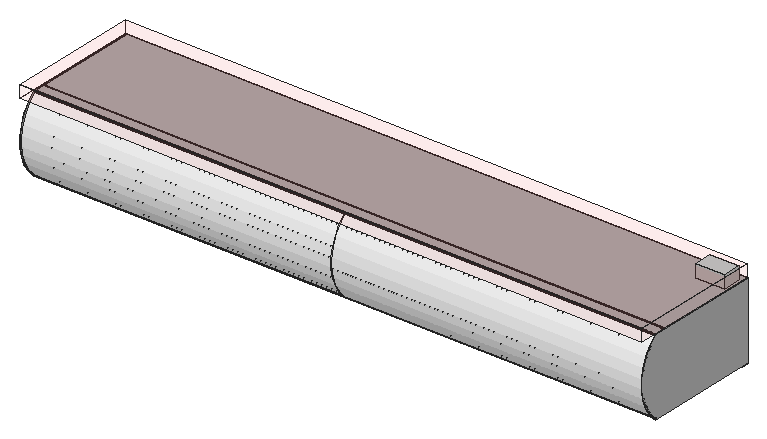
Revit family "Air_Curtain-Ambient-Berner_International-AHC10", category Mechanical Equipment, Revit 2015 (continued)
Automatic sketch dimensions
  Extrusion 2 sketch curve to plane 15 "Radius Of Intake Face" = 0' - 0"
  Extrusion 15 sketch curve to plane 14 "Bottom of Housing" = 0' - 0"
  Extrusion 16 sketch curve to plane 14 "Bottom of Housing" = 0' - 0"
  plane 72 "NV1" to curve 95 = 0' - 0"
  plane 74 "NV3" to curve 92 = 0' - 0"
  curve 121 to plane 13 "Top of Housing" = 0' - 0"
  curve 125 to plane 31 "Bottom Front Housing Transition" = 0' - 0"
  radius of curve 59 = 0' - 0 5/32"
  radius of curve 60 = 0' - 0 5/32"
  radius of curve 61 = 0' - 0 5/32"
  radius of curve 62 = 0' - 0 5/32"
Nested families (in)
  nested 1: "AHC10-NV" at (8.3125, -1, 0), visible <- "SGL", type "AHC10-NV"
    with NVW 8' - 2 1/2"
  nested 2: "AHC10-NV" at (-16.34375, -1, 0), visible <- "DBL", type "AHC10-NV"
    with NVW 4' - 1 3/16"
  nested 3: "AHC10-NV" at (32.96875, -1, 0), visible <- "DBL", type "AHC10-NV"
    with NVW 4' - 1 3/16"
  nested 4: "AHC10-NV" at (-24.66667, -1, 0), visible <- "TRP", type "AHC10-NV"
    with NVW 2' - 8.54167"
  nested 5: "AHC10-NV" at (8.3125, -1, 0), visible <- "TRP", type "AHC10-NV"
    with NVW 2' - 8.91667"
  nested 6: "AHC10-NV" at (41.29167, -1, 0), visible <- "TRP", type "AHC10-NV"
    with NVW 2' - 8.54167"
Connectors (in)
  electrical at (49.5, -2.88, 13.5), driven by "Motor Volts", driven by "Power Rating", driven by "Power Rating"
    settings: on Extrusion 9, index 1, voltage 0 V, apparent load 0 VA, apparent load phase1 0 VA, apparent load phase2 0 VA, apparent load phase3 0 VA, power factor 1, load classification "HVAC", number of poles 1, system type 30, power factor state 1, is connector primary yes, connector utility no, sub classification motor no, connector description "Primary Power Connection - Berner International - AHC10"
  cabletrayconduit at (49.5, -2.88, 13.5), diameter 0.5, driven by "Berner AHC10 Conduit Radius"
    settings: on Extrusion 9, index 2, connector width 1' - 0", connector height 1' - 0", connector angle 0.00°, system type 32, placement type 0, profile type 0, connector reference index -1, is primary connector yes, connector utility param no, connector description "Primary Power Connection - Berner International - AHC10"
Definition of nested family "AHC10-NV"
  Parameters
    URL = "http://www.berner.com/sales-support/specs-docs/"
    Type Comments = "Adjustable Nozzle Vanes"
    NVW [instance] = 0' - 11 3/8"
    Manufacturer = "Berner Internationl Corp."
    Description = "Ajustable airfoil shaped extrusions"
    Assembly Code = "D3090400"
  Reference planes (in)
    plane 1 "Center (Front/Back)": y = 0
    plane 2 "Bottom of Unit": z = 0.0625
    plane 3 "Center (Left/Right)": x = -8.3125
    plane 4 "Top of Vane": z = 0.5625
    plane 5 "Discharge Nozzle Left": x = -14
    plane 6 "Nozzle Vane Left": x = -13.5
    plane 7 "Blade Retainer Rear": y = -1.78
    plane 8 "Discharge Nozzle Right": x = -2.625
    plane 9 "Nozzle Vane Right": x = -3.125
    plane 10 "Housing Transition Bottom of Unit Discharge": y = -2.5
    plane 11 "Blade Retainer Rear Thickness": y = -1.7175
    plane 12 "Blade Reatainer front": y = -0.72
    plane 13 "Blade Retainer Front Thickness": y = -0.78
    plane 14 "Nozzle Vane 1": y = -0.59
    plane 15 "Nozzle Vane 2": y = -0.9
    plane 16 "Nozzle Vane 4": y = -1.91
    plane 17 "Nozzle Vane 3": y = -1.6
    plane 18 "LNozzleThickness": x = -13.9375
    plane 19 "RNozzleThickness": x = -2.6875
  Forms (in)
    Extrusion 1, solid
      sketch origin (0, 0, 0) x (1, 0, 0) y (0, 1, 0)
        loop
          line (-14, -0.72) -> (-14, -1.78) -> (-13.5, -1.78) -> (-13.5, -1.91) -> (-3.125, -1.91) -> (-3.125, -1.78) -> (-2.625, -1.78) -> (-2.625, -0.72) -> (-3.125, -0.72) -> (-3.125, -0.59) -> (-13.5, -0.59) -> (-13.5, -0.72) -> (-14, -0.72)
        loop
          line (-13.9375, -0.78) -> (-13.9375, -1.7175) -> (-13.5, -1.7175) -> (-13.5, -1.6) -> (-3.125, -1.6) -> (-3.125, -1.7175) -> (-2.6875, -1.7175) -> (-2.6875, -0.78) -> (-3.125, -0.78) -> (-3.125, -0.9) -> (-13.5, -0.9) -> (-13.5, -0.78) -> (-13.9375, -0.78)
      from 0.0625 to 0.5625
  Lines and regions (in)
    reference lines
      curve 1: arc (-8.3125, -10.8787, 0) -> (-8.3125, -10.9301, 0.03024) -> (-8.3125, -10.9688, 0.07563) r 0.18
      curve 2: arc (-8.3125, -0.092, 4.35688) -> (-8.3125, -0.04279, 4.34135) -> (-8.3125, 0, 4.3125) r 0.18
    symbolic lines, detail levels fine
      curve 3: line (-3.125, -0.59, 0) -> (-13.5, -0.59, 0)
      curve 4: line (-13.5, -0.9, 0) -> (-3.125, -0.9, 0)
      curve 5: line (-3.125, -1.6, 0) -> (-13.5, -1.6, 0)
      curve 6: line (-13.5, -1.91, 0) -> (-3.125, -1.91, 0)
      curve 7: line (-14, -0.72, 0) -> (-14, -1.78, 0)
      curve 8: line (-13.9375, -1.7175, 0) -> (-13.9375, -0.78, 0)
      curve 9: line (-2.625, -1.78, 0) -> (-2.625, -0.72, 0)
      curve 10: line (-2.6875, -0.78, 0) -> (-2.6875, -1.7175, 0)
      curve 11: line (-3.125, -0.72, 0) -> (-3.125, -0.59, 0)
      curve 12: line (-3.125, -0.9, 0) -> (-3.125, -0.78, 0)
      curve 13: line (-3.125, -1.7175, 0) -> (-3.125, -1.6, 0)
      curve 14: line (-3.125, -1.91, 0) -> (-3.125, -1.78, 0)
      curve 15: line (-3.125, -1.78, 0) -> (-2.625, -1.78, 0)
      curve 16: line (-2.6875, -1.7175, 0) -> (-3.125, -1.7175, 0)
      curve 17: line (-3.125, -0.78, 0) -> (-2.6875, -0.78, 0)
      curve 18: line (-2.625, -0.72, 0) -> (-3.125, -0.72, 0)
      curve 19: line (-13.9375, -0.78, 0) -> (-13.5, -0.78, 0)
      curve 20: line (-13.5, -0.72, 0) -> (-14, -0.72, 0)
      curve 21: line (-13.5, -1.7175, 0) -> (-13.9375, -1.7175, 0)
      curve 22: line (-14, -1.78, 0) -> (-13.5, -1.78, 0)
      curve 23: line (-13.5, -1.6, 0) -> (-13.5, -1.7175, 0)
      curve 24: line (-13.5, -1.78, 0) -> (-13.5, -1.91, 0)
      curve 25: line (-13.5, -0.78, 0) -> (-13.5, -0.9, 0)
      curve 26: line (-13.5, -0.59, 0) -> (-13.5, -0.72, 0)
  Dimensions and locks (in)
    "NVW": plane 5 "Discharge Nozzle Left" to plane 8 "Discharge Nozzle Right"
    equal spacing: plane 5 "Discharge Nozzle Left", plane 3 "Center (Left/Right)", plane 8 "Discharge Nozzle Right"
    locked: plane 1 "Center (Front/Back)" to plane 12 "Blade Reatainer front" at 0.72
    locked: plane 7 "Blade Retainer Rear" to plane 10 "Housing Transition Bottom of Unit Discharge" at 0.72
    locked: plane 11 "Blade Retainer Rear Thickness" to plane 7 "Blade Retainer Rear" at 0.0625
    locked: plane 12 "Blade Reatainer front" to plane 13 "Blade Retainer Front Thickness" at 0.06
    locked: plane 5 "Discharge Nozzle Left" to plane 6 "Nozzle Vane Left" at 0.5
    locked: plane 9 "Nozzle Vane Right" to plane 8 "Discharge Nozzle Right" at 0.5
    locked: plane 14 "Nozzle Vane 1" to plane 1 "Center (Front/Back)" at 0.59
    locked: plane 14 "Nozzle Vane 1" to plane 15 "Nozzle Vane 2" at 0.31
    locked: plane 16 "Nozzle Vane 4" to plane 10 "Housing Transition Bottom of Unit Discharge" at 0.59
    locked: plane 17 "Nozzle Vane 3" to plane 16 "Nozzle Vane 4" at 0.31
    locked: plane 4 "Top of Vane" to plane 2 "Bottom of Unit" at 0.5
    locked: plane 1 "Center (Front/Back)" to plane 10 "Housing Transition Bottom of Unit Discharge" at 2.5
    locked: plane 19 "RNozzleThickness" to plane 8 "Discharge Nozzle Right" at 0.0625
    locked: plane 5 "Discharge Nozzle Left" to plane 18 "LNozzleThickness" at 0.0625
    locked: level to plane 2 "Bottom of Unit" at 0.0625
    aligned and locked: Extrusion 1 sketch curve to plane 5 "Discharge Nozzle Left"
    aligned and locked: Extrusion 1 sketch curve to plane 12 "Blade Reatainer front"  (x2)
    aligned and locked: Extrusion 1 sketch curve to plane 13 "Blade Retainer Front Thickness"  (x2)
    aligned and locked: Extrusion 1 sketch curve to plane 11 "Blade Retainer Rear Thickness"  (x2)
    aligned and locked: Extrusion 1 sketch curve to plane 7 "Blade Retainer Rear"  (x2)
    aligned and locked: Extrusion 1 sketch curve to plane 6 "Nozzle Vane Left"  (x4)
    aligned and locked: Extrusion 1 sketch curve to plane 14 "Nozzle Vane 1"
    aligned and locked: Extrusion 1 sketch curve to plane 15 "Nozzle Vane 2"
    aligned and locked: Extrusion 1 sketch curve to plane 17 "Nozzle Vane 3"
    aligned and locked: Extrusion 1 sketch curve to plane 16 "Nozzle Vane 4"
    aligned and locked: Extrusion 1 sketch curve to plane 8 "Discharge Nozzle Right"
    aligned and locked: Extrusion 1 sketch curve to plane 9 "Nozzle Vane Right"  (x4)
    aligned and locked: Extrusion 1 to plane 2 "Bottom of Unit"
    aligned and locked: Extrusion 1 to plane 4 "Top of Vane"
    aligned and locked: Extrusion 1 to plane 19 "RNozzleThickness"
    aligned and locked: plane 18 "LNozzleThickness" to Extrusion 1
    aligned and locked: curve 3 to Extrusion 1
    aligned and locked: curve 4 to Extrusion 1
    aligned and locked: curve 5 to Extrusion 1
    aligned and locked: curve 6 to Extrusion 1
    aligned and locked: curve 7 to Extrusion 1
    aligned and locked: curve 8 to Extrusion 1
    aligned and locked: curve 9 to Extrusion 1
    aligned and locked: curve 10 to Extrusion 1
    aligned and locked: curve 11 to Extrusion 1
    aligned and locked: curve 12 to Extrusion 1
    aligned and locked: curve 13 to Extrusion 1
    aligned and locked: curve 14 to Extrusion 1
    aligned and locked: curve 15 to Extrusion 1
    aligned and locked: curve 16 to Extrusion 1
    aligned and locked: curve 17 to Extrusion 1
    aligned and locked: curve 18 to Extrusion 1
    aligned and locked: curve 19 to Extrusion 1
    aligned and locked: curve 20 to Extrusion 1
    aligned and locked: curve 21 to Extrusion 1
    aligned and locked: curve 22 to Extrusion 1
    aligned and locked: curve 23 to Extrusion 1
    aligned and locked: curve 24 to Extrusion 1
    aligned and locked: curve 25 to Extrusion 1
    aligned and locked: curve 26 to Extrusion 1
  Automatic sketch dimensions
    curve 1 to level = 0' - 0"
    curve 2 to plane 1 "Center (Front/Back)" = 0' - 0"
    curve 1 to plane 10 "Housing Transition Bottom of Unit Discharge" = 0' - 8.31438"
    curve 1 to curve 1 = 0' - 0.06432"
    curve 2 to plane 4 "Top of Vane" = 0' - 3.61672"
    curve 2 to curve 2 = 0' - 0.13328"
    plane 1 "Center (Front/Back)" to curve 2 = 0' - 0.12099"
    plane 1 "Center (Front/Back)" to curve 2 = 0' - 0.092"
    curve 1 to curve 1 = 0' - 0.0901"
    level to curve 1 = 0' - 0.07563"
    Extrusion 1 sketch curve to plane 8 "Discharge Nozzle Right" = 0' - 0 1/16"
    plane 5 "Discharge Nozzle Left" to Extrusion 1 sketch curve = 0' - 0 1/16"
